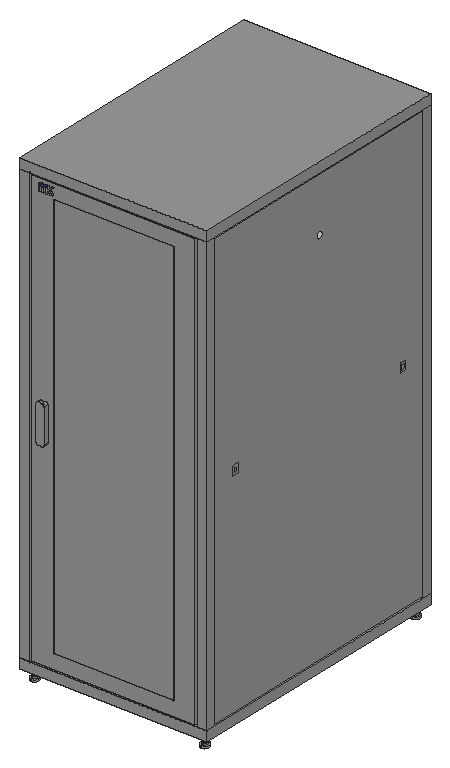
Revit family "ITK_Шкаф серверный_Напольный_42U_IP00", category Электрооборудование, Revit 2019
Family settings
  Размер круглого соединителя = Использовать диаметр
  Тип детали = Другая панель
  На основе рабочей плоскости = Нет
  Всегда вертикально = Да
  При загрузке вырезать с полостями = Нет
  Общий = Нет
  Точка расчета площади = Нет
Parameters (values of type "В2100хШ800хГ1200_Серый_2PP_часть 1")
  Ширина = 800 mm  # constant formula
  Степень защиты = "IP00"  # constant formula
  Ролики = no
  Основание = 43 mm  # constant formula
  Материал стекла (перфорации) = Окраска - RAL 7035 перфорация
  Материал = Окраска - RAL 7035
  Изготовитель = "ITK"  # constant formula
  Дата изменения = ""
  Глубина = 1200 mm  # constant formula
  Высота = 2010 mm  # constant formula
  УГО двухдверного шкафа = yes
  Тип монтажа = "Напольный"  # constant formula
  ΔХ [instance] = 2000 mm
  ΔY [instance] = 2000 mm
  URL = "https://www.iek.ru/"
  KSI_CPr_Строительные изделия = "61.1.04.08"  # constant formula
  KSI_CMa_Строительные материалы = "10.03.02.06"  # constant formula
  IEK_Цена за единицу = 43193.04
  IEK_Поиск в таблице имен = ""
  IEK_Описание = "Широкий ассортимент исполнений и габаритов.\r\nСборно-разборная конструкция.\r\nG-образная форма 19” монтажных профилей.\r\n19\" монтажные профили регулируются по глубине и имеют цифровую маркировку высоты в юнитах.\r\nДоступ к внутреннему пространству шкафа возможен с 4-х сторон.\r\nБоковые стенки съёмные, оснащены замком и защелками.\r\nВсе токопроводящие элементы конструкции имеют шпильки заземления.\r\nДверной замок с откидной ручкой.\r\nДверь может легко и быстро перенавешиваться.\r\nВентилируемая дверь имеет 80% перфорации.\r\nХорошая естественная вентиляция, возможность установки дополнительных вентиляторных панелей серии ПВ.\r\nВозможна одновременная установка шкафа на ножки и на ролики. В ассортименте также представлены цоколи.\r\nНаличие большого количества совместимых аксессуаров и комплектующих производства ITK.\r\nВыполнены в соответствии со стандартами IEC62208, IEC60950, ТР ТС 020/2011, ГОСТ 28601.1-90 и 28601.2-90."
  IEK_URL = "hhttps://www.itk-group.ru/produktsiya/catalog/oborudovanie_telekommunikatsionnoe/shkafy_telekommunikatsionnye/shkafy_servernye/shkafy_linea_s_staroy_modifikatsii_3_mestami/itk_shkaf_servernyy_19_linea_s_42u_800kh1200mm_perforirovannye_dveri_seryy_chast_1"
  ADSK_Примечание = ""
  ADSK_Позиция [instance] = ""
  ADSK_Наименование = "IITK Шкаф серв 42U 800х1200мм перф. двери серый (ч.1)"
  ADSK_Материал обозначение = ""
  ADSK_Материал наименование = "Листовая сталь"  # constant formula
  ADSK_Масса = 46
  ADSK_Марка = "LINEA S"  # constant formula
  ADSK_Код изделия = "LS35-42U82-PPZ-1"
  ADSK_Завод-изготовитель = "IEK"  # constant formula
  ADSK_Единица измерения = "шт"  # constant formula
  ADSK_Группирование = "I. ЩИТЫ И ПУЛЬТЫ"  # constant formula
  ADSK_Версия семейства = "1.0"  # constant formula
  ADSK_Версия Revit = "2019"  # constant formula
  ADSK_URL страницы изделия = "https://www.itk-group.ru/produktsiya/catalog/oborudovanie_telekommunikatsionnoe/shkafy_telekommunikatsionnye/shkafy_servernye/shkafy_linea_s_staroy_modifikatsii_3_mestami/?set_filter=y&filter_3645_3080943481=y&filter_22_841265288=y&filter_4_329120825=y"
Types (3, lengths in mm): name | IEK_Цена за единицу | IEK_URL | ADSK_Наименование | ADSK_Масса | ADSK_Код изделия
  В2100хШ800хГ1200_Серый_2PP_часть 3 | 14209.62 | "https://www.itk-group.ru/produktsiya/catalog/oborudovanie_telekommunikatsionnoe/shkafy_telekommunikatsionnye/shkafy_servernye/shkafy_linea_s_staroy_modifikatsii_3_mestami/itk_shkaf_servernyy_19_linea_s_42u_800kh1200mm_perforirovannye_dveri_seryy_chast_3" | "IITK Шкаф серв 42U 800х1200мм перф. двери серый (ч.3)" | 41 | "LS35-42U82-PPZ-3"
  В2100хШ800хГ1200_Серый_2PP_часть 2 | 49010.84 | "https://www.itk-group.ru/produktsiya/catalog/oborudovanie_telekommunikatsionnoe/shkafy_telekommunikatsionnye/shkafy_servernye/shkafy_linea_s_staroy_modifikatsii_3_mestami/itk_shkaf_servernyy_19_linea_s_42u_800kh1200mm_perforirovannye_dveri_seryy_chast_2" | "IITK Шкаф серв 42U 800х1200мм перф. двери серый (ч.2)" | 74 | "LS35-42U82-PPZ-2"
  В2100хШ800хГ1200_Серый_2PP_часть 1 | 43193.04 | "hhttps://www.itk-group.ru/produktsiya/catalog/oborudovanie_telekommunikatsionnoe/shkafy_telekommunikatsionnye/shkafy_servernye/shkafy_linea_s_staroy_modifikatsii_3_mestami/itk_shkaf_servernyy_19_linea_s_42u_800kh1200mm_perforirovannye_dveri_seryy_chast_1" | "IITK Шкаф серв 42U 800х1200мм перф. двери серый (ч.1)" | 46 | "LS35-42U82-PPZ-1"
Reference planes
  plane 1 "По центру (Вперед/Назад)": y = 0
  plane 2: z = 0
  plane 3 "По центру (Влево/Вправо)": x = 0
  plane 4: y = 600
  plane 5: y = -600
  plane 6: x = -400
  plane 7: x = 400
  plane 8 "Высота ножек": z = 43
  plane 9 "Смещение УГО по X": x = -2000
  plane 10 "Смещение УГО по Y": y = 2000
  plane 11: z = 2010
Forms (mm)
  Extrusion 1, solid, detail levels coarse+medium
    sketch origin (0, 0, 0) x (1, 0, 0) y (0, 1, 0)
      loop
        line (-400, 600) -> (-400, -600) -> (400, -600) -> (400, 600) -> (-400, 600)
    from 0 to 2010 <- "Высота"
  Extrusion 2, solid, detail levels medium
    sketch origin (0, 0, 0) x (1, 0, 0) y (0, 1, 0)
      loop
        line (-400, 600) -> (-400, -600) -> (400, -600) -> (400, 600) -> (-400, 600)
    from 0 to 2010 <- "Высота"
Lines and regions (mm)
  reference lines
    curve 1: line (0, 90, 0) -> (0, -90, 0)
    curve 2: line (-140, 0, 0) -> (100, 0, 0)
Dimensions and locks
  equal spacing: plane 6, plane 3 "По центру (Влево/Вправо)", plane 7
  "Ширина": plane 6 to plane 7
  equal spacing: plane 4, plane 1 "По центру (Вперед/Назад)", plane 5
  "Глубина": plane 4 to plane 5
  "Основание": plane 8 "Высота ножек" to plane 2
  "ΔY": plane 10 "Смещение УГО по Y" to curve 2
  "ΔХ": plane 9 "Смещение УГО по X" to curve 1
  "Высота": plane 11 to plane 2
  aligned and locked: level to plane 2
  aligned and locked: nested 1 to curve 1
  aligned and locked: nested 1 to curve 2
  aligned and locked: Extrusion 1 sketch curve to plane 4
  aligned and locked: Extrusion 1 sketch curve to plane 6
  aligned and locked: Extrusion 1 sketch curve to plane 7
  aligned and locked: Extrusion 1 sketch curve to plane 5
  aligned and locked: Extrusion 2 sketch curve to plane 6
  aligned and locked: Extrusion 2 sketch curve to plane 7
  aligned and locked: Extrusion 2 sketch curve to plane 4
  aligned and locked: Extrusion 2 sketch curve to plane 5
Automatic sketch dimensions
  curve 2 to plane 3 "По центру (Влево/Вправо)" = 140 mm
  plane 3 "По центру (Влево/Вправо)" to curve 2 = 100 mm
  plane 1 "По центру (Вперед/Назад)" to curve 1 = 90 mm
  curve 1 to plane 1 "По центру (Вперед/Назад)" = 90 mm
Nested families
  nested 1: "УГО_шкафа_ITK" at (0, 0, 0), type "УГО двудверного шкафа", detail levels coarse+medium
    with Засечка УГО 480 mm, Глубина УГО 1200 mm
  nested 2: "Ножки_ITK" at (0, 0, 0), type "Ножки_ITK", detail levels fine
    with Глубина 1200 mm
  nested 3: "Комплект роликов" at (0, 0, 0), visible <- "Ролики", Ширина <- "Ширина", Основание <- "Основание", Глубина <- "Глубина", type "Комплект роликов", detail levels fine
    with Ширина 800 mm, Основание 43 mm, Глубина 1200 mm
  nested 4: "Панель боковая_ITK_2шт" at (0, 0, 0), type "Панель боковая_ITK_2шт", detail levels fine
  nested 5: "Основание_ITK_2шт" at (0, 0, 0), type "Основание_ITK_2шт", detail levels fine
    with Глубина 1200 mm, Высота 2010 mm
  nested 6: "Стойка_ITK_комплект 4шт" at (0, 0, 0), type "Стойка_ITK_комплект 4шт", detail levels fine
    with Глубина 1200 mm, Высота 2010 mm
  nested 7: "Комплект двери перфорированной задней_ITK" at (0, -17.5, 0) x (-1, 0, 0) z (0, 0, 1), type "Комплект двери перфорированной задней_ITK", detail levels fine
    with Глубина 1200 mm, Высота 2010 mm
  nested 8: "Комплект двери перфорированной_ITK" at (0, 0, 0), type "Комплект двери перфорированной_ITK", detail levels fine
    with Глубина 1200 mm, Высота 2010 mm
Connectors
  electrical at (0, 0, 0)
    settings: on Extrusion 1, index 1, voltage 220 V, apparent load 0 VA, apparent load phase1 1 VA, apparent load phase2 0 VA, apparent load phase3 0 VA, power factor 1, load classification "Прочее", number of poles 1, system type 9, power factor state 1, is connector primary yes, connector utility no, sub classification motor no, connector description ""
Definition of nested family "Ножки_ITK"
  Parameters (values of type "Ножки_ITK")
    Ширина = 800 mm
    Основание = 43 mm
    Глубина = 800 mm
  Reference planes
    plane 1 "По центру (Вперед/Назад)": y = 0
    plane 2: z = 0
    plane 3 "По центру (Влево/Вправо)": x = 0
    plane 4: x = -400
    plane 5: x = 400
    plane 6: y = 400
    plane 7: y = -400
    plane 8: y = 365
    plane 9: y = -365
    plane 10 "Ось ножки-1": x = -365
    plane 11 "Ось ножки-2": x = 365
    plane 12: z = 43
  Forms (mm)
    Revolve 1, solid
      sketch origin (-365, 0, -0.503) x (0, 1, 0) y (0, 0, 1)
        loop
          line (-365, 43.503) -> (-365, 0.503) -> (-351, 0.503) -> (-351, 2) -> (-348, 2) -> (-348, 10)
          arc (-348, 10) -> (-348.586, 11.414) -> (-350, 12) r 2
          line (-350, 12) -> (-354.354, 12) -> (-354.354, 19)
          arc (-354.354, 19) -> (-354.647, 19.707) -> (-355.354, 20) r 1
          line (-355.354, 20) -> (-359, 20) -> (-359, 43.503) -> (-365, 43.503)
        axis (-365, 43.503) -> (-365, 0.503)
      angle from 0 to 360
    Revolve 2, solid
      sketch origin (365, 0, -0.503) x (0, 1, 0) y (0, 0, -1)
        loop
          line (-365, -43.503) -> (-359, -43.503) -> (-359, -20) -> (-355.354, -20)
          arc (-355.354, -20) -> (-354.647, -19.707) -> (-354.354, -19) r 1
          line (-354.354, -19) -> (-354.354, -12) -> (-350, -12)
          arc (-350, -12) -> (-348.586, -11.414) -> (-348, -10) r 2
          line (-348, -10) -> (-348, -2) -> (-351, -2) -> (-351, -0.503) -> (-365, -0.503) -> (-365, -43.503)
        axis (-365, -43.503) -> (-365, -0.503)
      angle from 0 to 360
    Revolve 3, solid
      sketch origin (-365, 0, -0.503) x (0, -1, 0) y (0, 0, -1)
        loop
          line (-365, -43.503) -> (-359, -43.503) -> (-359, -20) -> (-355.354, -20)
          arc (-355.354, -20) -> (-354.647, -19.707) -> (-354.354, -19) r 1
          line (-354.354, -19) -> (-354.354, -12) -> (-350, -12)
          arc (-350, -12) -> (-348.586, -11.414) -> (-348, -10) r 2
          line (-348, -10) -> (-348, -2) -> (-351, -2) -> (-351, -0.503) -> (-365, -0.503) -> (-365, -43.503)
        axis (-365, -43.503) -> (-365, -0.503)
      angle from 0 to 360
    Revolve 4, solid
      sketch origin (365, 0, -0.503) x (0, -1, 0) y (0, 0, 1)
        loop
          line (-365, 43.503) -> (-365, 0.503) -> (-351, 0.503) -> (-351, 2) -> (-348, 2) -> (-348, 10)
          arc (-348, 10) -> (-348.586, 11.414) -> (-350, 12) r 2
          line (-350, 12) -> (-354.354, 12) -> (-354.354, 19)
          arc (-354.354, 19) -> (-354.647, 19.707) -> (-355.354, 20) r 1
          line (-355.354, 20) -> (-359, 20) -> (-359, 43.503) -> (-365, 43.503)
        axis (-365, 43.503) -> (-365, 0.503)
      angle from 0 to 360
  Dimensions and locks
    equal spacing: plane 7, plane 1 "По центру (Вперед/Назад)", plane 6
    equal spacing: plane 4, plane 3 "По центру (Влево/Вправо)", plane 5
    "Ширина": plane 4 to plane 5
    "Глубина": plane 7 to plane 6
    "Основание": plane 12 to plane 2
    locked: plane 6 to plane 8 at 35
    locked: plane 7 to plane 9 at 35
    locked: plane 4 to plane 10 "Ось ножки-1" at 35
    locked: plane 11 "Ось ножки-2" to plane 5 at 35
    aligned and locked: level to plane 2
    aligned and locked: plane 10 "Ось ножки-1" to Revolve 1
    aligned and locked: plane 11 "Ось ножки-2" to Revolve 4
    aligned and locked: plane 11 "Ось ножки-2" to Revolve 2
    aligned and locked: plane 10 "Ось ножки-1" to Revolve 3
    aligned and locked: plane 12 to Revolve 1
    aligned and locked: Revolve 3 to plane 12
    aligned and locked: Revolve 2 to plane 12
    aligned and locked: plane 12 to Revolve 4
  Automatic sketch dimensions
    Revolve 1 sketch curve to plane 9 = 0 mm  (x2)
    level to Revolve 1 sketch curve = 0 mm
    Revolve 1 sketch curve to plane 9 = 6 mm
    Revolve 1 sketch curve to Revolve 1 sketch curve = 3.646 mm
    Revolve 1 sketch curve to Revolve 1 sketch curve = 1 mm
    Revolve 1 sketch curve to Revolve 1 sketch curve = 3.354 mm
    Revolve 1 sketch curve to Revolve 1 sketch curve = 4.354 mm
    Revolve 1 sketch curve to Revolve 1 sketch curve = 2 mm
    level to Revolve 1 sketch curve = 1.497 mm
    Revolve 1 sketch curve to plane 12 = 0 mm
    Revolve 1 sketch curve to level = 305.303 mm
    Revolve 2 sketch curve to plane 9 = 0 mm  (x2)
    level to Revolve 2 sketch curve = 0 mm
    Revolve 2 sketch curve to plane 9 = 6 mm
    Revolve 2 sketch curve to Revolve 2 sketch curve = 3.646 mm
    Revolve 2 sketch curve to Revolve 2 sketch curve = 1 mm
    Revolve 2 sketch curve to Revolve 2 sketch curve = 3.354 mm
    Revolve 2 sketch curve to Revolve 2 sketch curve = 4.354 mm
    Revolve 2 sketch curve to Revolve 2 sketch curve = 2 mm
    Revolve 2 sketch curve to plane 12 = 0 mm
    level to Revolve 2 sketch curve = 1.497 mm
    Revolve 2 sketch curve to level = 305.303 mm
    Revolve 3 sketch curve to plane 8 = 0 mm  (x2)
    level to Revolve 3 sketch curve = 0 mm
    Revolve 3 sketch curve to plane 8 = 6 mm
    Revolve 3 sketch curve to Revolve 3 sketch curve = 3.646 mm
    Revolve 3 sketch curve to Revolve 3 sketch curve = 1 mm
    Revolve 3 sketch curve to Revolve 3 sketch curve = 3.354 mm
    Revolve 3 sketch curve to Revolve 3 sketch curve = 4.354 mm
    Revolve 3 sketch curve to Revolve 3 sketch curve = 2 mm
    Revolve 3 sketch curve to plane 12 = 0 mm
    level to Revolve 3 sketch curve = 1.497 mm
    Revolve 3 sketch curve to level = 305.303 mm
    Revolve 4 sketch curve to plane 8 = 0 mm  (x2)
    level to Revolve 4 sketch curve = 0 mm
    Revolve 4 sketch curve to plane 8 = 6 mm
    Revolve 4 sketch curve to Revolve 4 sketch curve = 3.646 mm
    Revolve 4 sketch curve to Revolve 4 sketch curve = 1 mm
    Revolve 4 sketch curve to Revolve 4 sketch curve = 3.354 mm
    Revolve 4 sketch curve to Revolve 4 sketch curve = 4.354 mm
    Revolve 4 sketch curve to Revolve 4 sketch curve = 2 mm
    level to Revolve 4 sketch curve = 1.497 mm
    Revolve 4 sketch curve to plane 12 = 0 mm
    Revolve 4 sketch curve to level = 305.303 mm
    Revolve 1 sketch curve to Revolve 1 sketch curve = 8 mm
    Revolve 1 sketch curve to Revolve 1 sketch curve = 7 mm
    level to Revolve 2 sketch curve = 19.497 mm
    Revolve 2 sketch curve to Revolve 2 sketch curve = 7 mm
    level to Revolve 3 sketch curve = 19.497 mm
    Revolve 3 sketch curve to Revolve 3 sketch curve = 7 mm
    Revolve 4 sketch curve to Revolve 4 sketch curve = 8 mm
    Revolve 4 sketch curve to Revolve 4 sketch curve = 7 mm
    plane 12 to Revolve 1 sketch curve = 2387.897 mm
    plane 12 to Revolve 2 sketch curve = 2387.897 mm
    plane 12 to Revolve 3 sketch curve = 2387.897 mm
    plane 12 to Revolve 4 sketch curve = 2387.897 mm
Definition of nested family "Комплект роликов"
  Parameters (values of type "Комплект роликов")
    Ширина [instance] = 800 mm
    Основание [instance] = 43 mm
    Глубина [instance] = 800 mm
  Reference planes
    plane 1 "По центру (Вперед/Назад)": y = 0
    plane 2: z = 0
    plane 3 "По центру (Влево/Вправо)": x = 0
    plane 4: x = -400
    plane 5: x = 400
    plane 6: y = 400
    plane 7: y = -400
    plane 8: y = 300
    plane 9: y = -300
    plane 10 "Ось ножки-1": x = -300
    plane 11 "Ось ножки-2": x = 300
    plane 12: z = 43
    plane 13: z = 20
  Forms (mm)
    Revolve 1, solid
      sketch origin (-300, -12, 0) x (0, 1, 0) y (0, 0, 1)
        loop
          line (-300, 0) -> (-290, 0) -> (-290, 15) -> (-300, 15) -> (-310, 15) -> (-310, 0) -> (-300, 0)
        axis (-310, 20) -> (-290, 20)
      angle from 0 to 360
    Extrusion 2, solid
      sketch origin (-300.035, -12, 0) x (1, 0, 0) y (0, 0, 1)
        loop
          line (-35, 43) -> (-19.39, 18.019)
          arc (-19.39, 18.019) -> (-15.758, 14.572) -> (-10.91, 13.318) r 10
          line (-10.91, 13.318) -> (0, 13.318) -> (10.979, 13.318)
          arc (10.979, 13.318) -> (15.828, 14.572) -> (19.46, 18.019) r 10
          line (19.46, 18.019) -> (35.07, 43) -> (-35, 43)
      from 310 to 312
    Extrusion 3, solid
      sketch origin (-300.035, 10, 0) x (1, 0, 0) y (0, 0, 1)
        loop
          line (-35, 43) -> (-19.39, 18.019)
          arc (-19.39, 18.019) -> (-15.758, 14.572) -> (-10.91, 13.318) r 10
          line (-10.91, 13.318) -> (0, 13.318) -> (10.979, 13.318)
          arc (10.979, 13.318) -> (15.828, 14.572) -> (19.46, 18.019) r 10
          line (19.46, 18.019) -> (35.07, 43) -> (-35, 43)
      from 310 to 312
    Revolve 4, solid
      sketch origin (-300, 612, 0) x (0, 1, 0) y (0, 0, 1)
        loop
          line (-300, 0) -> (-290, 0) -> (-290, 15) -> (-300, 15) -> (-310, 15) -> (-310, 0) -> (-300, 0)
        axis (-310, 20) -> (-290, 20)
      angle from 0 to 360
    Extrusion 5, solid
      sketch origin (-268.608, 574, 0) x (1, 0, 0) y (0, 0, 1)
        loop
          line (-66.426, 43) -> (-50.817, 18.019)
          arc (-50.817, 18.019) -> (-47.184, 14.572) -> (-42.336, 13.318) r 10
          line (-42.336, 13.318) -> (-31.426, 13.318) -> (-20.447, 13.318)
          arc (-20.447, 13.318) -> (-15.599, 14.572) -> (-11.966, 18.019) r 10
          line (-11.966, 18.019) -> (3.643, 43) -> (-66.426, 43)
      from 272 to 274
    Extrusion 6, solid
      sketch origin (-300.035, 596, 0) x (1, 0, 0) y (0, 0, 1)
        loop
          line (-35, 43) -> (-19.39, 18.019)
          arc (-19.39, 18.019) -> (-15.758, 14.572) -> (-10.91, 13.318) r 10
          line (-10.91, 13.318) -> (0, 13.318) -> (10.979, 13.318)
          arc (10.979, 13.318) -> (15.828, 14.572) -> (19.46, 18.019) r 10
          line (19.46, 18.019) -> (35.07, 43) -> (-35, 43)
      from 272 to 274
    Revolve 7, solid
      sketch origin (300, 612, 0) x (0, 1, 0) y (0, 0, 1)
        loop
          line (-300, 0) -> (-290, 0) -> (-290, 15) -> (-300, 15) -> (-310, 15) -> (-310, 0) -> (-300, 0)
        axis (-310, 20) -> (-290, 20)
      angle from 0 to 360
    Extrusion 8, solid
      sketch origin (11.392, 574, 0) x (1, 0, 0) y (0, 0, 1)
        loop
          line (253.574, 43) -> (269.183, 18.019)
          arc (269.183, 18.019) -> (272.816, 14.572) -> (277.664, 13.318) r 10
          line (277.664, 13.318) -> (288.574, 13.318) -> (299.553, 13.318)
          arc (299.553, 13.318) -> (304.401, 14.572) -> (308.034, 18.019) r 10
          line (308.034, 18.019) -> (323.643, 43) -> (253.574, 43)
      from 272 to 274
    Extrusion 9, solid
      sketch origin (-20.035, 596, 0) x (1, 0, 0) y (0, 0, 1)
        loop
          line (285, 43) -> (300.61, 18.019)
          arc (300.61, 18.019) -> (304.242, 14.572) -> (309.09, 13.318) r 10
          line (309.09, 13.318) -> (320, 13.318) -> (330.979, 13.318)
          arc (330.979, 13.318) -> (335.828, 14.572) -> (339.46, 18.019) r 10
          line (339.46, 18.019) -> (355.07, 43) -> (285, 43)
      from 272 to 274
    Revolve 10, solid
      sketch origin (300, 338, 0) x (0, 1, 0) y (0, 0, 1)
        loop
          line (-650, 0) -> (-640, 0) -> (-640, 15) -> (-650, 15) -> (-660, 15) -> (-660, 0) -> (-650, 0)
        axis (-660, 20) -> (-640, 20)
      angle from 0 to 360
    Extrusion 11, solid
      sketch origin (11.392, 300, 0) x (1, 0, 0) y (0, 0, 1)
        loop
          line (253.574, 43) -> (269.183, 18.019)
          arc (269.183, 18.019) -> (272.816, 14.572) -> (277.664, 13.318) r 10
          line (277.664, 13.318) -> (288.574, 13.318) -> (299.553, 13.318)
          arc (299.553, 13.318) -> (304.401, 14.572) -> (308.034, 18.019) r 10
          line (308.034, 18.019) -> (323.643, 43) -> (253.574, 43)
      from 622 to 624
    Extrusion 12, solid
      sketch origin (-20.035, 322, 0) x (1, 0, 0) y (0, 0, 1)
        loop
          line (285, 43) -> (300.61, 18.019)
          arc (300.61, 18.019) -> (304.242, 14.572) -> (309.09, 13.318) r 10
          line (309.09, 13.318) -> (320, 13.318) -> (330.979, 13.318)
          arc (330.979, 13.318) -> (335.828, 14.572) -> (339.46, 18.019) r 10
          line (339.46, 18.019) -> (355.07, 43) -> (285, 43)
      from 622 to 624
  Dimensions and locks
    equal spacing: plane 7, plane 1 "По центру (Вперед/Назад)", plane 6
    equal spacing: plane 4, plane 3 "По центру (Влево/Вправо)", plane 5
    "Ширина": plane 4 to plane 5
    "Глубина": plane 7 to plane 6
    "Основание": plane 12 to plane 2
    locked: plane 6 to plane 8 at 100
    locked: plane 7 to plane 9 at 100
    locked: plane 4 to plane 10 "Ось ножки-1" at 100
    locked: plane 11 "Ось ножки-2" to plane 5 at 100
    plane 13 to level = 20 mm
    Extrusion 2 to plane 10 "Ось ножки-1" to Extrusion 2 = 35.035 mm locked, 35.035 mm locked
    locked: Extrusion 3 to plane 9 at 2
    locked: Extrusion 2 to Extrusion 2 at 2
    locked: Extrusion 2 to Extrusion 3 at 20
    locked: Extrusion 5 to plane 8 at 2
    locked: Extrusion 6 to Extrusion 6 at 2
    locked: Extrusion 5 to Extrusion 6 at 20
    locked: Extrusion 9 to Extrusion 9 at 2
    locked: Extrusion 8 to Extrusion 9 at 20  (x2)
    locked: Extrusion 8 to plane 8 at 2
    locked: Extrusion 12 to Extrusion 12 at 2
    locked: Extrusion 11 to Extrusion 12 at 20  (x2)
    locked: Extrusion 11 to Extrusion 11 at 2
    aligned and locked: level to plane 2
    aligned and locked: plane 10 "Ось ножки-1" to Revolve 1
    aligned and locked: Extrusion 2 to Revolve 1
    aligned and locked: Extrusion 5 to Revolve 4
    aligned and locked: plane 10 "Ось ножки-1" to Revolve 4
    aligned and locked: Extrusion 3 to plane 9
    aligned and locked: Revolve 1 to Extrusion 3
    aligned and locked: Extrusion 5 to plane 8
    aligned and locked: Revolve 4 to Extrusion 6
    aligned and locked: Extrusion 8 to Revolve 7
    aligned and locked: Revolve 7 to Extrusion 9
    aligned and locked: plane 11 "Ось ножки-2" to Revolve 7
    aligned and locked: Extrusion 8 to plane 8
    aligned and locked: Extrusion 11 to Revolve 10
    aligned and locked: Revolve 10 to Extrusion 12
    aligned and locked: Extrusion 12 to plane 9
    aligned and locked: plane 11 "Ось ножки-2" to Revolve 10
  Automatic sketch dimensions
    Revolve 1 sketch curve to plane 13 = 0 mm
    Revolve 1 sketch curve to level = 0 mm
    plane 9 to Revolve 1 sketch curve = 22 mm
    Revolve 1 sketch curve to Revolve 1 sketch curve = 10 mm  (x2)
    Revolve 1 sketch curve to plane 13 = 5 mm
    plane 9 to Revolve 1 sketch curve = 2 mm
    plane 7 to Revolve 1 sketch curve = 27.065 mm
    Revolve 1 sketch curve to plane 8 = 39.968 mm
    Extrusion 2 sketch curve to plane 12 = 0 mm
    Extrusion 2 sketch curve to plane 10 "Ось ножки-1" = 35.035 mm
    Extrusion 2 sketch curve to plane 13 = 1.981 mm  (x2)
    Extrusion 2 sketch curve to plane 10 "Ось ножки-1" = 19.425 mm
    plane 13 to Extrusion 2 sketch curve = 3.318 mm  (x2)
    Extrusion 2 sketch curve to Extrusion 2 sketch curve = 8.48 mm
    Extrusion 2 sketch curve to plane 10 "Ось ножки-1" = 0.035 mm
    plane 10 "Ось ножки-1" to Extrusion 2 sketch curve = 10.945 mm
    Extrusion 2 sketch curve to Extrusion 2 sketch curve = 15.61 mm
    Extrusion 3 sketch curve to plane 12 = 0 mm
    Extrusion 3 sketch curve to plane 10 "Ось ножки-1" = 35.035 mm
    Extrusion 3 sketch curve to plane 13 = 1.981 mm  (x2)
    Extrusion 3 sketch curve to plane 10 "Ось ножки-1" = 19.425 mm
    plane 13 to Extrusion 3 sketch curve = 3.318 mm  (x2)
    Extrusion 3 sketch curve to Extrusion 3 sketch curve = 8.48 mm
    Extrusion 3 sketch curve to plane 10 "Ось ножки-1" = 0.035 mm
    plane 10 "Ось ножки-1" to Extrusion 3 sketch curve = 10.945 mm
    Extrusion 3 sketch curve to Extrusion 3 sketch curve = 15.61 mm
    Revolve 4 sketch curve to plane 13 = 0 mm
    Revolve 4 sketch curve to level = 0 mm
    plane 8 to Revolve 4 sketch curve = 2 mm
    Revolve 4 sketch curve to Revolve 4 sketch curve = 10 mm  (x3)
    Revolve 4 sketch curve to plane 13 = 5 mm
    Revolve 4 sketch curve to plane 1 "По центру (Вперед/Назад)" = 7.935 mm
    plane 6 to Revolve 4 sketch curve = 295.032 mm
    Extrusion 5 sketch curve to plane 12 = 0 mm
    Extrusion 5 sketch curve to plane 10 "Ось ножки-1" = 35.035 mm
    Extrusion 5 sketch curve to plane 13 = 1.981 mm  (x2)
    Extrusion 5 sketch curve to plane 10 "Ось ножки-1" = 19.425 mm
    plane 13 to Extrusion 5 sketch curve = 3.318 mm  (x2)
    Extrusion 5 sketch curve to Extrusion 5 sketch curve = 8.48 mm
    Extrusion 5 sketch curve to plane 10 "Ось ножки-1" = 0.035 mm
    plane 10 "Ось ножки-1" to Extrusion 5 sketch curve = 10.945 mm
    Extrusion 5 sketch curve to Extrusion 5 sketch curve = 15.61 mm
    Extrusion 6 sketch curve to plane 12 = 0 mm
    Extrusion 6 sketch curve to plane 10 "Ось ножки-1" = 35.035 mm
    Extrusion 6 sketch curve to plane 13 = 1.981 mm  (x2)
    Extrusion 6 sketch curve to plane 10 "Ось ножки-1" = 19.425 mm
    plane 13 to Extrusion 6 sketch curve = 3.318 mm  (x2)
    Extrusion 6 sketch curve to Extrusion 6 sketch curve = 8.48 mm
    Extrusion 6 sketch curve to plane 10 "Ось ножки-1" = 0.035 mm
    plane 10 "Ось ножки-1" to Extrusion 6 sketch curve = 10.945 mm
    Extrusion 6 sketch curve to Extrusion 6 sketch curve = 15.61 mm
    Revolve 7 sketch curve to plane 13 = 0 mm
    Revolve 7 sketch curve to level = 0 mm
    plane 8 to Revolve 7 sketch curve = 2 mm
    Revolve 7 sketch curve to Revolve 7 sketch curve = 10 mm  (x3)
    Revolve 7 sketch curve to plane 13 = 5 mm
    Revolve 7 sketch curve to plane 1 "По центру (Вперед/Назад)" = 7.935 mm
    plane 6 to Revolve 7 sketch curve = 295.032 mm
    Extrusion 8 sketch curve to plane 12 = 0 mm
    plane 11 "Ось ножки-2" to Extrusion 8 sketch curve = 35.035 mm
    Extrusion 8 sketch curve to plane 13 = 1.981 mm  (x2)
    plane 11 "Ось ножки-2" to Extrusion 8 sketch curve = 19.425 mm
    plane 13 to Extrusion 8 sketch curve = 3.318 mm  (x2)
    Extrusion 8 sketch curve to Extrusion 8 sketch curve = 8.48 mm
    plane 11 "Ось ножки-2" to Extrusion 8 sketch curve = 0.035 mm
    Extrusion 8 sketch curve to plane 11 "Ось ножки-2" = 10.945 mm
    Extrusion 8 sketch curve to Extrusion 8 sketch curve = 15.61 mm
    Extrusion 9 sketch curve to plane 12 = 0 mm
    plane 11 "Ось ножки-2" to Extrusion 9 sketch curve = 35.035 mm
    Extrusion 9 sketch curve to plane 13 = 1.981 mm  (x2)
    plane 11 "Ось ножки-2" to Extrusion 9 sketch curve = 19.425 mm
    plane 13 to Extrusion 9 sketch curve = 3.318 mm  (x2)
    Extrusion 9 sketch curve to Extrusion 9 sketch curve = 8.48 mm
    plane 11 "Ось ножки-2" to Extrusion 9 sketch curve = 0.035 mm
    Extrusion 9 sketch curve to plane 11 "Ось ножки-2" = 10.945 mm
    Extrusion 9 sketch curve to Extrusion 9 sketch curve = 15.61 mm
    Revolve 10 sketch curve to plane 13 = 0 mm
    Revolve 10 sketch curve to level = 0 mm
    plane 9 to Revolve 10 sketch curve = 22 mm
    Revolve 10 sketch curve to Revolve 10 sketch curve = 10 mm  (x2)
    Revolve 10 sketch curve to plane 13 = 5 mm
    plane 9 to Revolve 10 sketch curve = 2 mm
    plane 7 to Revolve 10 sketch curve = 41.065 mm
    plane 6 to Revolve 10 sketch curve = 21.032 mm
    Extrusion 11 sketch curve to plane 12 = 0 mm
    plane 11 "Ось ножки-2" to Extrusion 11 sketch curve = 35.035 mm
    Extrusion 11 sketch curve to plane 13 = 1.981 mm  (x2)
    plane 11 "Ось ножки-2" to Extrusion 11 sketch curve = 19.425 mm
    plane 13 to Extrusion 11 sketch curve = 3.318 mm  (x2)
    Extrusion 11 sketch curve to Extrusion 11 sketch curve = 8.48 mm
    plane 11 "Ось ножки-2" to Extrusion 11 sketch curve = 0.035 mm
    Extrusion 11 sketch curve to plane 11 "Ось ножки-2" = 10.945 mm
    Extrusion 11 sketch curve to Extrusion 11 sketch curve = 15.61 mm
    Extrusion 12 sketch curve to plane 12 = 0 mm
    plane 11 "Ось ножки-2" to Extrusion 12 sketch curve = 35.035 mm
    Extrusion 12 sketch curve to plane 13 = 1.981 mm  (x2)
    plane 11 "Ось ножки-2" to Extrusion 12 sketch curve = 19.425 mm
    plane 13 to Extrusion 12 sketch curve = 3.318 mm  (x2)
    Extrusion 12 sketch curve to Extrusion 12 sketch curve = 8.48 mm
    plane 11 "Ось ножки-2" to Extrusion 12 sketch curve = 0.035 mm
    Extrusion 12 sketch curve to plane 11 "Ось ножки-2" = 10.945 mm
    Extrusion 12 sketch curve to Extrusion 12 sketch curve = 15.61 mm
Definition of nested family "Панель боковая_ITK_2шт"
  Parameters (values of type "Панель боковая_ITK_2шт")
    Ширина = 800 mm
    Основание = 43 mm
    Материал = none
    Крыша вентиляционная = 50 mm
    Глубина = 1200 mm
    Высота = 2010 mm
  Reference planes
    plane 1 "По центру (Вперед/Назад)": y = 0
    plane 2: z = 0
    plane 3 "По центру (Влево/Вправо)": x = 0
    plane 4: x = -400
    plane 5: x = 400
    plane 6: y = 600
    plane 7: y = -600
    plane 8: y = 560
    plane 9: y = -560
    plane 10: x = -360
    plane 11: x = 360
    plane 12: z = 1965
    plane 13: z = 88
    plane 14: z = 1960
    plane 15: z = 93
    plane 16: z = 43
    plane 17: z = 2010
    plane 18: z = 634.333
    plane 19: z = 338.667
    plane 20: z = 1026.5
  Forms (mm)
    Extrusion 1, solid, material <- "Материал"
      sketch origin (0, 0, 0) x (1, 0, 0) y (0, 1, 0)
        loop
          line (-400, 555) -> (-400, -555) -> (-369.98, -555) -> (-369.98, -545) -> (-389.98, -545) -> (-389.98, 545) -> (-370, 545) -> (-370, 555) -> (-400, 555)
        loop
          line (400, 555) -> (369.98, 555) -> (369.98, 545) -> (389.98, 545) -> (389.98, -545) -> (369.98, -545) -> (369.98, -555) -> (400, -555) -> (400, 555)
      from 93 to 1960
  Dimensions and locks
    equal spacing: plane 7, plane 1 "По центру (Вперед/Назад)", plane 6
    equal spacing: plane 4, plane 3 "По центру (Влево/Вправо)", plane 5
    "Ширина": plane 4 to plane 5
    "Глубина": plane 7 to plane 6
    locked: plane 7 to plane 9 at 40
    locked: plane 6 to plane 8 at 40
    locked: plane 11 to plane 5 at 40
    locked: plane 4 to plane 10 at 40
    locked: plane 12 to plane 14 at 5
    locked: plane 15 to plane 13 at 5
    locked: plane 13 to plane 16 at 45
    "Основание": plane 16 to plane 2
    locked: plane 17 to plane 12 at 45
    plane 18 to plane 19 to plane 16 = 295.667 mm, 295.667 mm
    "Высота": plane 17 to plane 2
    locked: plane 14 to nested 1 at 230
    plane 14 to nested 2 = 914.75 mm
    locked: plane 8 to nested 2 at 98
    locked: nested 3 to plane 9 at 98
    nested 3 to plane 14 = 914.75 mm
    locked: plane 14 to nested 4 at 230
    plane 14 to nested 5 = 914.75 mm
    locked: plane 9 to nested 5 at 98
    plane 14 to nested 6 = 914.75 mm
    locked: nested 6 to plane 8 at 98
    equal spacing: plane 14, plane 20, plane 15
    aligned and locked: level to plane 2
    aligned and locked: plane 4 to Extrusion 1 sketch curve
    aligned and locked: Extrusion 1 sketch curve to plane 5
    aligned and locked: plane 14 to Extrusion 1
    aligned and locked: Extrusion 1 to plane 15
    aligned and locked: nested 1 to plane 1 "По центру (Вперед/Назад)"
    aligned and locked: nested 4 to plane 1 "По центру (Вперед/Назад)"
    aligned and locked: nested 2 to plane 20
    aligned and locked: plane 20 to nested 3
    aligned and locked: nested 5 to plane 20
    aligned and locked: nested 6 to plane 20
  Automatic sketch dimensions
    plane 4 to Extrusion 1 sketch curve = 10.02 mm
    Extrusion 1 sketch curve to plane 10 = 10 mm
    Extrusion 1 sketch curve to plane 10 = 9.98 mm
    Extrusion 1 sketch curve to plane 11 = 9.98 mm  (x2)
    plane 5 to Extrusion 1 sketch curve = 10.02 mm
    Extrusion 1 sketch curve to plane 9 = 15 mm  (x2)
    Extrusion 1 sketch curve to plane 8 = 15 mm  (x2)
    Extrusion 1 sketch curve to plane 9 = 5 mm  (x2)
    Extrusion 1 sketch curve to plane 8 = 5 mm  (x2)
  Nested families
    nested 1: "Замок_ITK" at (-400, 0, 1730) x (0, 1, 0) z (-1, 0, 0), type "Замок_ITK", detail levels fine
    nested 2: "Замок_защелка_ITK" at (-400, 449.25, 1026.5) x (0, -1, 0) z (-1, 0, 0), type "Замок_защелка_ITK"
    nested 3: "Замок_защелка_ITK" at (-400, -449.25, 1026.5) x (0, 1, 0) z (-1, 0, 0), type "Замок_защелка_ITK"
    nested 4: "Замок_ITK" at (400, 0, 1730) x (0, 1, 0) z (1, 0, 0), type "Замок_ITK"
    nested 5: "Замок_защелка_ITK" at (400, -449.25, 1026.5) x (0, 1, 0) z (1, 0, 0), type "Замок_защелка_ITK"
    nested 6: "Замок_защелка_ITK" at (400, 449.25, 1026.5) x (0, 1, 0) z (1, 0, 0), type "Замок_защелка_ITK"
  Definition of nested family "Замок_ITK"
    Parameters (values of type "Замок_ITK")
      Default Elevation = 1219.2 mm
      Материал = none
    Reference planes
      plane 1 "По центру (Вперед/Назад)": y = 0
      plane 2: z = 0
      plane 3 "По центру (Влево/Вправо)": x = 0
    Forms (mm)
      Extrusion 1, solid
        sketch origin (0, 0, 0) x (1, 0, 0) y (0, 1, 0)
          loop
            line (-1219.2, 1219.2) -> (-1219.2, -1219.2) -> (1219.2, -1219.2) -> (1219.2, 1219.2) -> (-1219.2, 1219.2)
        from 0 to -304.8
      Extrusion 2, solid
        sketch origin (0, 0, 0) x (1, 0, 0) y (0, 1, 0)
          loop
            circle (0, 0) r 11.5
          loop
            line (1, 5.5) -> (-1, 5.5) -> (-1, -8.219) -> (1, -8.219) -> (1, 5.5)
        from 0 to 4
    Dimensions and locks
      aligned and locked: plane 2 to Extrusion 1
      aligned and locked: level to Extrusion 1
  Definition of nested family "Замок_защелка_ITK"
    Parameters (values of type "Замок_защелка_ITK")
      Default Elevation = 1219.2 mm
      Материал = none
    Reference planes
      plane 1 "По центру (Вперед/Назад)": y = 0
      plane 2: z = 0
      plane 3 "По центру (Влево/Вправо)": x = 0
    Forms (mm)
      Extrusion 1, solid
        sketch origin (0, 0, 0) x (1, 0, 0) y (0, 1, 0)
          loop
            line (-1219.2, 1219.2) -> (-1219.2, -1219.2) -> (1219.2, -1219.2) -> (1219.2, 1219.2) -> (-1219.2, 1219.2)
        from 0 to -304.8
      Extrusion 2, solid
        sketch origin (0, 0, 0) x (1, 0, 0) y (0, 1, 0)
          loop
            line (11.75, 18.75) -> (-11.75, 18.75)
            arc (-11.75, 18.75) -> (-12.457, 18.457) -> (-12.75, 17.75) r 1
            line (-12.75, 17.75) -> (-12.75, -17.75)
            arc (-12.75, -17.75) -> (-12.457, -18.457) -> (-11.75, -18.75) r 1
            line (-11.75, -18.75) -> (11.75, -18.75)
            arc (11.75, -18.75) -> (12.457, -18.457) -> (12.75, -17.75) r 1
            line (12.75, -17.75) -> (12.75, 17.75)
            arc (12.75, 17.75) -> (12.457, 18.457) -> (11.75, 18.75) r 1
          loop
            line (9.976, 10.75) -> (-9.976, 10.75) -> (-9.976, -9.743)
            arc (-9.976, -9.743) -> (0, -12.25) -> (9.976, -9.743) r 21.1
            line (9.976, -9.743) -> (9.976, 10.75)
        from 0 to 2
      Extrusion 3, solid
        sketch origin (0, 0, 0) x (1, 0, 0) y (0, 1, 0)
          loop
            arc (-9.976, -9.743) -> (0, -12.25) -> (9.976, -9.743) r 21.1
            line (9.976, -9.743) -> (9.976, 10.75) -> (-9.976, 10.75) -> (-9.976, -9.743)
        from 0 to 1
    Dimensions and locks
      aligned and locked: plane 2 to Extrusion 1
      aligned and locked: level to Extrusion 1
      aligned and locked: Extrusion 3 sketch curve to Extrusion 2  (x4)
Definition of nested family "Основание_ITK_2шт"
  Parameters (values of type "Основание_ITK_2шт")
    Ширина = 800 mm
    Основание = 43 mm
    Материал = none
    Крыша вентиляционная = 50 mm
    Глубина = 800 mm
    Высота = 930 mm
  Reference planes
    plane 1 "По центру (Вперед/Назад)": y = 0
    plane 2: z = 0
    plane 3 "По центру (Влево/Вправо)": x = 0
    plane 4: x = -400
    plane 5: x = 400
    plane 6: y = 400
    plane 7: y = -400
    plane 8: y = 360
    plane 9: y = -360
    plane 10: x = -360
    plane 11: x = 360
    plane 12: z = 88
    plane 13: z = 43
    plane 14: z = 930
    plane 15: z = 885
    plane 16: z = 880
    plane 17: z = 93
  Forms (mm)
    Extrusion 1, solid, material <- "Материал"
      sketch origin (0, 0, 0) x (1, 0, 0) y (0, 0, 1)
        loop
          line (-400, 930) -> (-400, 885) -> (400, 885) -> (400, 930) -> (-400, 930)
        loop
          line (-400, 88) -> (-400, 43) -> (400, 43) -> (400, 88) -> (-400, 88)
      from -400 to 400
    Extrusion 2, solid, material <- "Материал"
      sketch origin (-1511.359, -1524, 885) x (-1, 0, 0) y (0, -1, 0)
        loop
          line (-1871.359, -1869) -> (-1871.359, -1884) -> (-1856.359, -1884) -> (-1856.359, -1914) -> (-1166.359, -1914) -> (-1166.359, -1884) -> (-1151.359, -1884) -> (-1151.359, -1869) -> (-1121.359, -1869) -> (-1121.359, -1179) -> (-1151.359, -1179) -> (-1151.359, -1164) -> (-1166.359, -1164) -> (-1166.359, -1144) -> (-1856.359, -1144) -> (-1856.359, -1164) -> (-1871.359, -1164) -> (-1871.359, -1179) -> (-1901.359, -1179) -> (-1901.359, -1869) -> (-1871.359, -1869)
      from -5 to 0
    Extrusion 3, solid, material <- "Материал"
      sketch origin (-1511.359, -1524, 384.733) x (0, 1, 0) y (1, 0, 0)
        loop
          line (1869, 1871.359) -> (1869, 1901.359) -> (1179, 1901.359) -> (1179, 1871.359) -> (1164, 1871.359) -> (1164, 1856.359) -> (1144, 1856.359) -> (1144, 1166.359) -> (1164, 1166.359) -> (1164, 1151.359) -> (1179, 1151.359) -> (1179, 1121.359) -> (1869, 1121.359) -> (1869, 1151.359) -> (1884, 1151.359) -> (1884, 1166.359) -> (1914, 1166.359) -> (1914, 1856.359) -> (1884, 1856.359) -> (1884, 1871.359) -> (1869, 1871.359)
      from 291.733 to 296.733
  Dimensions and locks
    equal spacing: plane 7, plane 1 "По центру (Вперед/Назад)", plane 6
    equal spacing: plane 4, plane 3 "По центру (Влево/Вправо)", plane 5
    "Ширина": plane 4 to plane 5
    "Глубина": plane 7 to plane 6
    locked: plane 7 to plane 9 at 40
    locked: plane 6 to plane 8 at 40
    locked: plane 11 to plane 5 at 40
    locked: plane 4 to plane 10 at 40
    "Основание": plane 13 to plane 2
    locked: plane 12 to plane 13 at 45
    locked: plane 14 to plane 15 at 45
    locked: plane 15 to plane 16 at 5
    locked: plane 17 to plane 12 at 5
    "Высота": plane 14 to plane 2
    aligned and locked: level to plane 2
    aligned and locked: Extrusion 1 sketch curve to plane 14
    aligned and locked: plane 4 to Extrusion 1 sketch curve  (x2)
    aligned and locked: plane 15 to Extrusion 1 sketch curve
    aligned and locked: plane 5 to Extrusion 1 sketch curve  (x2)
    aligned and locked: Extrusion 1 sketch curve to plane 12
    aligned and locked: plane 13 to Extrusion 1 sketch curve
    aligned and locked: plane 6 to Extrusion 1
    aligned and locked: plane 7 to Extrusion 1
    aligned and locked: plane 9 to Extrusion 2 sketch curve
    aligned and locked: Extrusion 2 sketch curve to plane 9
    aligned and locked: Extrusion 2 sketch curve to plane 10
    aligned and locked: plane 11 to Extrusion 2 sketch curve
    aligned and locked: Extrusion 2 sketch curve to plane 11
    aligned and locked: plane 8 to Extrusion 2 sketch curve
    aligned and locked: Extrusion 2 sketch curve to plane 8
    aligned and locked: plane 10 to Extrusion 2 sketch curve
    aligned and locked: plane 15 to Extrusion 2
    aligned and locked: Extrusion 2 to plane 16
    aligned and locked: Extrusion 3 to plane 12
    aligned and locked: plane 17 to Extrusion 3
    aligned and locked: Extrusion 2 sketch curve to Extrusion 3
  Automatic sketch dimensions
    plane 5 to Extrusion 2 sketch curve = 10 mm
    Extrusion 2 sketch curve to Extrusion 2 sketch curve = 15 mm  (x2)
    plane 10 to Extrusion 2 sketch curve = 15 mm  (x2)
    plane 4 to Extrusion 2 sketch curve = 10 mm
    Extrusion 2 sketch curve to plane 6 = 10 mm
    Extrusion 2 sketch curve to plane 8 = 15 mm  (x2)
    Extrusion 2 sketch curve to plane 9 = 15 mm  (x2)
    plane 9 to Extrusion 3 sketch curve = 0 mm  (x2)
    Extrusion 3 sketch curve to plane 11 = 0 mm  (x2)
    Extrusion 3 sketch curve to plane 10 = 0 mm  (x2)
    Extrusion 3 sketch curve to plane 8 = 0 mm  (x2)
    Extrusion 3 sketch curve to plane 7 = 20 mm
    Extrusion 3 sketch curve to plane 9 = 15 mm  (x2)
    Extrusion 3 sketch curve to Extrusion 3 sketch curve = 15 mm  (x3)
    Extrusion 3 sketch curve to plane 8 = 15 mm
    Extrusion 3 sketch curve to plane 6 = 10 mm
    plane 5 to Extrusion 3 sketch curve = 10 mm
    plane 10 to Extrusion 3 sketch curve = 15 mm  (x2)
    plane 4 to Extrusion 3 sketch curve = 10 mm
Definition of nested family "Стойка_ITK_комплект 4шт"
  Parameters (values of type "Стойка_ITK_комплект 4шт")
    Ширина = 800 mm
    Основание = 43 mm
    Материал = none
    Крыша вентиляционная = 50 mm
    Глубина = 800 mm
    Высота = 930 mm
  Reference planes
    plane 1 "По центру (Вперед/Назад)": y = 0
    plane 2: z = 0
    plane 3 "По центру (Влево/Вправо)": x = 0
    plane 4: x = -400
    plane 5: x = 400
    plane 6: y = 400
    plane 7: y = -400
    plane 8: y = 360
    plane 9: y = -360
    plane 10: x = -360
    plane 11: x = 360
    plane 12: z = 890
    plane 13: z = 83
    plane 14: z = 43
    plane 15: z = 930
  Forms (mm)
    Extrusion 1, solid, material <- "Материал"
      sketch origin (0, 0, 0) x (1, 0, 0) y (0, 1, 0)
        loop
          line (-400, -360) -> (-400, -400) -> (-360, -400) -> (-360, -380) -> (-345, -380) -> (-345, -360) -> (-360, -360) -> (-360, -345) -> (-370, -345) -> (-370, -360) -> (-400, -360)
        loop
          line (400, -360) -> (370, -360) -> (370, -345) -> (360, -345) -> (360, -360) -> (345, -360) -> (345, -380) -> (360, -380) -> (360, -400) -> (400, -400) -> (400, -360)
        loop
          line (400, 360) -> (400, 400) -> (360, 400) -> (360, 370) -> (345, 370) -> (345, 360) -> (360, 360) -> (360, 345) -> (370, 345) -> (370, 360) -> (400, 360)
        loop
          line (-400, 360) -> (-370, 360) -> (-370, 345) -> (-360, 345) -> (-360, 360) -> (-345, 360) -> (-345, 370) -> (-360, 370) -> (-360, 400) -> (-400, 400) -> (-400, 360)
        loop
          line (397, 397) -> (363, 397) -> (363, 367) -> (348, 367) -> (348, 363) -> (363, 363) -> (363, 348) -> (367, 348) -> (367, 363) -> (397, 363) -> (397, 397)
        loop
          line (-363, 397) -> (-397, 397) -> (-397, 363) -> (-367, 363) -> (-367, 348) -> (-363, 348) -> (-363, 363) -> (-348, 363) -> (-348, 367) -> (-363, 367) -> (-363, 397)
        loop
          line (-397, -363) -> (-397, -397) -> (-363, -397) -> (-363, -377) -> (-348, -377) -> (-348, -363) -> (-363, -363) -> (-363, -348) -> (-367, -348) -> (-367, -363) -> (-397, -363)
        loop
          line (363, -397) -> (397, -397) -> (397, -363) -> (367, -363) -> (367, -348) -> (363, -348) -> (363, -363) -> (348, -363) -> (348, -377) -> (363, -377) -> (363, -397)
      from 83 to 890
  Dimensions and locks
    equal spacing: plane 7, plane 1 "По центру (Вперед/Назад)", plane 6
    equal spacing: plane 4, plane 3 "По центру (Влево/Вправо)", plane 5
    "Ширина": plane 4 to plane 5
    "Глубина": plane 7 to plane 6
    locked: plane 7 to plane 9 at 40
    locked: plane 6 to plane 8 at 40
    locked: plane 11 to plane 5 at 40
    locked: plane 4 to plane 10 at 40
    locked: plane 15 to plane 12 at 40
    locked: plane 13 to plane 14 at 40
    "Основание": plane 14 to plane 2
    "Высота": plane 15 to plane 2
    aligned and locked: level to plane 2
    aligned and locked: plane 9 to Extrusion 1 sketch curve
    aligned and locked: plane 4 to Extrusion 1 sketch curve
    aligned and locked: Extrusion 1 sketch curve to plane 7
    aligned and locked: plane 5 to Extrusion 1 sketch curve
    aligned and locked: plane 8 to Extrusion 1 sketch curve  (x2)
    aligned and locked: Extrusion 1 sketch curve to plane 11  (x2)
    aligned and locked: Extrusion 1 sketch curve to plane 6
    aligned and locked: plane 10 to Extrusion 1 sketch curve  (x2)
    aligned and locked: Extrusion 1 sketch curve to plane 8  (x2)
    aligned and locked: plane 6 to Extrusion 1 sketch curve
    aligned and locked: Extrusion 1 sketch curve to plane 4
    aligned and locked: plane 7 to Extrusion 1 sketch curve
    aligned and locked: Extrusion 1 sketch curve to plane 5
    aligned and locked: Extrusion 1 sketch curve to plane 9
    aligned and locked: plane 11 to Extrusion 1 sketch curve
    aligned and locked: plane 12 to Extrusion 1
    aligned and locked: Extrusion 1 to plane 13
  Automatic sketch dimensions
    Extrusion 1 sketch curve to plane 10 = 0 mm  (x2)
    plane 9 to Extrusion 1 sketch curve = 0 mm  (x2)
    Extrusion 1 sketch curve to plane 11 = 0 mm
    plane 4 to Extrusion 1 sketch curve = 3 mm  (x2)
    Extrusion 1 sketch curve to plane 10 = 10 mm  (x2)
    Extrusion 1 sketch curve to Extrusion 1 sketch curve = 3 mm  (x16)
    Extrusion 1 sketch curve to plane 10 = 3 mm  (x4)
    plane 10 to Extrusion 1 sketch curve = 12 mm  (x2)
    Extrusion 1 sketch curve to Extrusion 1 sketch curve = 15 mm  (x2)
    Extrusion 1 sketch curve to plane 11 = 3 mm  (x4)
    Extrusion 1 sketch curve to Extrusion 1 sketch curve = 4 mm  (x4)
    plane 5 to Extrusion 1 sketch curve = 3 mm  (x2)
    Extrusion 1 sketch curve to plane 7 = 3 mm  (x2)
    Extrusion 1 sketch curve to plane 7 = 20 mm  (x2)
    plane 9 to Extrusion 1 sketch curve = 3 mm  (x4)
    Extrusion 1 sketch curve to plane 9 = 12 mm  (x2)
    Extrusion 1 sketch curve to plane 8 = 15 mm  (x2)
    plane 8 to Extrusion 1 sketch curve = 3 mm  (x4)
    Extrusion 1 sketch curve to plane 6 = 3 mm  (x2)
Definition of nested family "Комплект двери перфорированной задней_ITK"
  Parameters (values of type "Комплект двери перфорированной задней_ITK")
    Ширина = 800 mm
    Основание = 43 mm
    Материал стекла (перфорации) = none
    Материал = none
    Крыша вентиляционная = 50 mm
    Глубина = 800 mm
    Высота = 930 mm
  Reference planes
    plane 1 "По центру (Вперед/Назад)": y = 0
    plane 2: z = 0
    plane 3 "По центру (Влево/Вправо)": x = 0
    plane 4: x = -400
    plane 5: x = 400
    plane 6: y = 400
    plane 7: y = -400
    plane 8: y = -380
    plane 9 "Дверь-4": z = 93
    plane 10: z = 43
    plane 11: z = 486.5
    plane 12: z = 930
    plane 13 "Дверь-2": z = 880
    plane 14 "Дверь-1": x = -350
    plane 15 "Дверь-3": x = 350
    plane 16 "Стекло-1": z = 820
    plane 17 "Стекло-3": z = 153
    plane 18 "Стекло-4": x = -257
    plane 19 "Стекло-2": x = 257
    plane 20: z = 865
    plane 21 "Ручка": x = 300
  Forms (mm)
    Extrusion 1, solid, material <- "Материал", detail levels fine
      sketch origin (0, 0, 0) x (1, 0, 0) y (0, 0, 1)
        loop
          line (-350, 880) -> (-350, 93) -> (350, 93) -> (350, 880) -> (-350, 880)
        loop
          line (-257, 820) -> (-257, 153) -> (257, 153) -> (257, 820) -> (-257, 820)
      from 380 to 400
    Extrusion 2, solid, material <- "Материал стекла (перфорации)", detail levels fine
      sketch origin (0, 0, 0) x (1, 0, 0) y (0, 0, 1)
        loop
          line (-257, 153) -> (257, 153) -> (257, 820) -> (-257, 820) -> (-257, 153)
      from 380 to 400
  Dimensions and locks
    equal spacing: plane 7, plane 1 "По центру (Вперед/Назад)", plane 6
    equal spacing: plane 4, plane 3 "По центру (Влево/Вправо)", plane 5
    "Ширина": plane 4 to plane 5
    "Глубина": plane 7 to plane 6
    locked: plane 7 to plane 8 at 20
    "Основание": plane 10 to plane 2
    equal spacing: plane 12, plane 11, plane 10
    "Высота": plane 12 to plane 2
    locked: plane 9 "Дверь-4" to plane 10 at 50
    locked: plane 12 to plane 13 "Дверь-2" at 50
    locked: plane 14 "Дверь-1" to plane 4 at 50
    locked: plane 15 "Дверь-3" to plane 5 at 50
    locked: plane 13 "Дверь-2" to plane 16 "Стекло-1" at 60
    locked: plane 17 "Стекло-3" to plane 9 "Дверь-4" at 60
    locked: plane 18 "Стекло-4" to plane 14 "Дверь-1" at 93
    locked: plane 15 "Дверь-3" to plane 19 "Стекло-2" at 93
    locked: plane 13 "Дверь-2" to plane 20 at 15
    locked: plane 15 "Дверь-3" to plane 21 "Ручка" at 50
    aligned and locked: level to plane 2
    aligned and locked: Extrusion 1 sketch curve to plane 14 "Дверь-1"
    aligned and locked: Extrusion 1 sketch curve to plane 13 "Дверь-2"
    aligned and locked: Extrusion 1 sketch curve to plane 15 "Дверь-3"
    aligned and locked: Extrusion 1 sketch curve to plane 9 "Дверь-4"
    aligned and locked: Extrusion 1 sketch curve to plane 18 "Стекло-4"
    aligned and locked: Extrusion 1 sketch curve to plane 16 "Стекло-1"
    aligned and locked: Extrusion 1 sketch curve to plane 19 "Стекло-2"
    aligned and locked: Extrusion 1 sketch curve to plane 17 "Стекло-3"
    aligned and locked: plane 7 to Extrusion 1
    aligned and locked: Extrusion 1 to plane 8
    aligned and locked: plane 7 to Extrusion 2
    aligned and locked: Extrusion 2 to plane 8
    aligned and locked: nested 1 to plane 11
    aligned and locked: plane 21 "Ручка" to nested 1
  Automatic sketch dimensions
    Extrusion 2 sketch curve to plane 16 "Стекло-1" = 0 mm
    plane 18 "Стекло-4" to Extrusion 2 sketch curve = 0 mm
    plane 17 "Стекло-3" to Extrusion 2 sketch curve = 0 mm
    Extrusion 2 sketch curve to plane 19 "Стекло-2" = 0 mm
  Nested families
    nested 1: "Ручка_ITK" at (300, -400, 486.5) x (1, 0, 0) z (0, -1, 0), type "Ручка_ITK"
  Definition of nested family "Ручка_ITK"
    Parameters (values of type "Ручка_ITK")
      Default Elevation = 1219.2 mm
      Материал = none
    Reference planes
      plane 1 "По центру (Вперед/Назад)": y = 0
      plane 2: z = 0
      plane 3 "По центру (Влево/Вправо)": x = 0
    Forms (mm)
      Extrusion 1, solid
        sketch origin (0, 0, 0) x (1, 0, 0) y (0, 1, 0)
          loop
            line (-1219.2, 1219.2) -> (-1219.2, -1219.2) -> (1219.2, -1219.2) -> (1219.2, 1219.2) -> (-1219.2, 1219.2)
        from 0 to -304.8
      Extrusion 2, solid
        sketch origin (0, 0, 0) x (1, 0, 0) y (0, 1, 0)
          loop
            arc (-7.5, 82.5) -> (-14.571, 79.571) -> (-17.5, 72.5) r 10
            line (-17.5, 72.5) -> (-17.5, -72.5)
            arc (-17.5, -72.5) -> (-14.571, -79.571) -> (-7.5, -82.5) r 10
            line (-7.5, -82.5) -> (7.5, -82.5)
            arc (7.5, -82.5) -> (14.571, -79.571) -> (17.5, -72.5) r 10
            line (17.5, -72.5) -> (17.5, 72.5)
            arc (17.5, 72.5) -> (14.571, 79.571) -> (7.5, 82.5) r 10
            line (7.5, 82.5) -> (-7.5, 82.5)
        from 0 to 17.5
    Dimensions and locks
      aligned and locked: plane 2 to Extrusion 1
      aligned and locked: level to Extrusion 1
Definition of nested family "Комплект двери перфорированной_ITK"
  Parameters (values of type "Комплект двери перфорированной_ITK")
    Ширина = 800 mm
    Основание = 43 mm
    Материал стекла (перворации) = none
    Материал = none
    Крыша вентиляционная = 50 mm
    Глубина = 800 mm
    Высота = 930 mm
  Reference planes
    plane 1 "По центру (Вперед/Назад)": y = 0
    plane 2: z = 0
    plane 3 "По центру (Влево/Вправо)": x = 0
    plane 4: x = -400
    plane 5: x = 400
    plane 6: y = 400
    plane 7: y = -400
    plane 8: y = -380
    plane 9 "Дверь-4": z = 93
    plane 10: z = 43
    plane 11: z = 486.5
    plane 12: x = -300
    plane 13: z = 930
    plane 14 "Дверь-2": z = 880
    plane 15 "Дверь-1": x = -350
    plane 16 "Дверь-3": x = 350
    plane 17 "Стекло-1": z = 820
    plane 18 "Стекло-3": z = 153
    plane 19 "Стекло-4": x = -257
    plane 20 "Стекло-2": x = 257
    plane 21: z = 865
  Forms (mm)
    Extrusion 1, solid, material <- "Материал", detail levels fine
      sketch origin (0, 0, 0) x (1, 0, 0) y (0, 0, 1)
        loop
          line (-350, 880) -> (-350, 93) -> (350, 93) -> (350, 880) -> (-350, 880)
        loop
          line (-257, 820) -> (-257, 153) -> (257, 153) -> (257, 820) -> (-257, 820)
      from 380 to 400
    Extrusion 2, solid, material <- "Материал стекла (перворации)", detail levels fine
      sketch origin (0, 0, 0) x (1, 0, 0) y (0, 0, 1)
        loop
          line (-257, 153) -> (257, 153) -> (257, 820) -> (-257, 820) -> (-257, 153)
      from 380 to 400
  Dimensions and locks
    equal spacing: plane 7, plane 1 "По центру (Вперед/Назад)", plane 6
    equal spacing: plane 4, plane 3 "По центру (Влево/Вправо)", plane 5
    "Ширина": plane 4 to plane 5
    "Глубина": plane 7 to plane 6
    locked: plane 7 to plane 8 at 20
    "Основание": plane 10 to plane 2
    equal spacing: plane 13, plane 11, plane 10
    locked: plane 4 to plane 12 at 100
    "Высота": plane 13 to plane 2
    locked: plane 9 "Дверь-4" to plane 10 at 50
    locked: plane 13 to plane 14 "Дверь-2" at 50
    locked: plane 15 "Дверь-1" to plane 4 at 50
    locked: plane 16 "Дверь-3" to plane 5 at 50
    locked: plane 14 "Дверь-2" to plane 17 "Стекло-1" at 60
    locked: plane 18 "Стекло-3" to plane 9 "Дверь-4" at 60
    locked: plane 19 "Стекло-4" to plane 15 "Дверь-1" at 93
    locked: plane 16 "Дверь-3" to plane 20 "Стекло-2" at 93
    locked: plane 14 "Дверь-2" to plane 21 at 15
    aligned and locked: level to plane 2
    aligned and locked: Extrusion 1 sketch curve to plane 15 "Дверь-1"
    aligned and locked: Extrusion 1 sketch curve to plane 14 "Дверь-2"
    aligned and locked: Extrusion 1 sketch curve to plane 16 "Дверь-3"
    aligned and locked: Extrusion 1 sketch curve to plane 9 "Дверь-4"
    aligned and locked: Extrusion 1 sketch curve to plane 19 "Стекло-4"
    aligned and locked: Extrusion 1 sketch curve to plane 17 "Стекло-1"
    aligned and locked: Extrusion 1 sketch curve to plane 20 "Стекло-2"
    aligned and locked: Extrusion 1 sketch curve to plane 18 "Стекло-3"
    aligned and locked: plane 7 to Extrusion 1
    aligned and locked: Extrusion 1 to plane 8
    aligned and locked: plane 7 to Extrusion 2
    aligned and locked: Extrusion 2 to plane 8
    aligned and locked: plane 21 to nested 1
    aligned and locked: nested 1 to plane 12
    aligned and locked: plane 12 to nested 2
    aligned and locked: nested 2 to plane 11
  Automatic sketch dimensions
    Extrusion 2 sketch curve to plane 17 "Стекло-1" = 0 mm
    plane 19 "Стекло-4" to Extrusion 2 sketch curve = 0 mm
    plane 18 "Стекло-3" to Extrusion 2 sketch curve = 0 mm
    Extrusion 2 sketch curve to plane 20 "Стекло-2" = 0 mm
  Nested families
    nested 1: "Логотип_ITK" at (-292.295, -400, 835.59) x (1, 0, 0) z (0, -1, 0), type "Логотип_ITK"
    nested 2: "Ручка_ITK" at (-300, -400, 486.5) x (1, 0, 0) z (0, -1, 0), type "Ручка_ITK"
  Definition of nested family "Логотип_ITK"
    Parameters (values of type "Логотип_ITK")
      Default Elevation = 1219.2 mm
      Материал = none
    Reference planes
      plane 1 "По центру (Вперед/Назад)": y = 0
      plane 2: z = 0
      plane 3 "По центру (Влево/Вправо)": x = 0
    Forms (mm)
      Extrusion 1, solid
        sketch origin (0, 0, 0) x (1, 0, 0) y (0, 1, 0)
          loop
            line (-1219.2, 1219.2) -> (-1219.2, -1219.2) -> (1219.2, -1219.2) -> (1219.2, 1219.2) -> (-1219.2, 1219.2)
        from 0 to -304.8
      Extrusion 2, solid
        sketch origin (0, 0, 0) x (1, 0, 0) y (0, 1, 0)
          loop
            line (-24.198, 18.809) -> (-24.198, 0) -> (-15.975, 0) -> (-15.975, 18.809) -> (-24.198, 18.809)
          loop
            line (0.039, 18.809) -> (-7.705, 18.809) -> (-7.705, 0) -> (0.039, 0) -> (0.039, 18.809)
          loop
            line (-24.198, 21.431) -> (-15.975, 21.431) -> (-15.975, 29.41) -> (-24.198, 29.41) -> (-24.198, 21.431)
          loop
            line (8.482, 29.41) -> (8.482, 0) -> (16.233, 0) -> (16.233, 11.027) -> (19.197, 11.027) -> (26.358, 0) -> (35.802, 0) -> (25.102, 14.728) -> (35.802, 29.41) -> (26.358, 29.41) -> (19.197, 18.383) -> (16.233, 18.383) -> (16.233, 29.41) -> (8.482, 29.41)
        from 0 to 7
      Extrusion 3, solid
        sketch origin (0, 0, 0) x (1, 0, 0) y (0, 1, 0)
          loop
            line (-13.581, 29.41) -> (-13.581, 21.431) -> (5.915, 21.431) -> (5.915, 29.41) -> (-13.581, 29.41)
        from 0 to 7
    Dimensions and locks
      aligned and locked: plane 2 to Extrusion 1
      aligned and locked: level to Extrusion 1
  Definition of nested family "Ручка_ITK"
    Parameters (values of type "Ручка_ITK")
      Default Elevation = 1219.2 mm
      Материал = none
    Reference planes
      plane 1 "По центру (Вперед/Назад)": y = 0
      plane 2: z = 0
      plane 3 "По центру (Влево/Вправо)": x = 0
    Forms (mm)
      Extrusion 1, solid
        sketch origin (0, 0, 0) x (1, 0, 0) y (0, 1, 0)
          loop
            line (-1219.2, 1219.2) -> (-1219.2, -1219.2) -> (1219.2, -1219.2) -> (1219.2, 1219.2) -> (-1219.2, 1219.2)
        from 0 to -304.8
      Extrusion 2, solid
        sketch origin (0, 0, 0) x (1, 0, 0) y (0, 1, 0)
          loop
            arc (-7.5, 82.5) -> (-14.571, 79.571) -> (-17.5, 72.5) r 10
            line (-17.5, 72.5) -> (-17.5, -72.5)
            arc (-17.5, -72.5) -> (-14.571, -79.571) -> (-7.5, -82.5) r 10
            line (-7.5, -82.5) -> (7.5, -82.5)
            arc (7.5, -82.5) -> (14.571, -79.571) -> (17.5, -72.5) r 10
            line (17.5, -72.5) -> (17.5, 72.5)
            arc (17.5, 72.5) -> (14.571, 79.571) -> (7.5, 82.5) r 10
            line (7.5, 82.5) -> (-7.5, 82.5)
        from 0 to 17.5
    Dimensions and locks
      aligned and locked: plane 2 to Extrusion 1
      aligned and locked: level to Extrusion 1
Definition of nested family "УГО_шкафа_ITK"
  Parameters (values of type "УГО однодверного шкафа")
    Вторая дверь = yes
    Ширина УГО = 800 mm
    Засечка УГО = 2 * Глубина УГО / 5  # 320 mm
    Глубина УГО = 800 mm
  Types (2): name
    УГО однодверного шкафа
    УГО двудверного шкафа
  Reference planes
    plane 1 "По центру (Вперед/Назад)": y = 0
    plane 2: z = 0
    plane 3 "По центру (Влево/Вправо)": x = 0
    plane 4: x = -400
    plane 5: x = 400
    plane 6: y = -400
    plane 7: y = -1200
    plane 8: y = 400
    plane 9 "Засечка УГО": y = -320
    plane 10: y = 320
    plane 11 "Вторая дверь": y = 1200
  Lines and regions (mm)
    symbolic lines, detail levels coarse+medium
      curve 1: line (-400, 400, 0) -> (400, 400, 0)
      curve 2: line (-400, -400, 0) -> (-400, 400, 0)
      curve 3: line (400, -400, 0) -> (-400, -400, 0)
      curve 4: line (400, 400, 0) -> (400, -400, 0)
      curve 5: line (400, -400, 0) -> (400, -1200, 0)
      curve 6: arc (400, -1200, 0) -> (-165.685, -965.685, 0) -> (-400, -400, 0) r 800
      curve 7: line (-400, -320, 0) -> (400, -320, 0)
    symbolic lines, visible <- "Вторая дверь", detail levels coarse+medium
      curve 8: line (-400, 320, 0) -> (400, 320, 0)
      curve 9: line (400, 400, 0) -> (400, 1200, 0)
      curve 10: arc (-400, 400, 0) -> (-165.685, 965.685, 0) -> (400, 1200, 0) r 800
  Dimensions and locks
    equal spacing: plane 4, plane 3 "По центру (Влево/Вправо)", plane 5
    "Ширина УГО": plane 4 to plane 5
    "Глубина УГО": plane 8 to plane 6
    "Ширина УГО": plane 6 to plane 7
    equal spacing: plane 8, plane 1 "По центру (Вперед/Назад)", plane 6
    "Засечка УГО": plane 9 "Засечка УГО" to plane 1 "По центру (Вперед/Назад)"
    "Засечка УГО": plane 1 "По центру (Вперед/Назад)" to plane 10
    "Ширина УГО": plane 11 "Вторая дверь" to plane 8
    aligned and locked: level to plane 2
    aligned and locked: plane 6 to curve 5
    aligned and locked: curve 1 to plane 8
    aligned and locked: curve 7 to plane 9 "Засечка УГО"
    aligned and locked: plane 4 to curve 7
    aligned and locked: plane 5 to curve 8
    aligned and locked: plane 4 to curve 8
    aligned and locked: curve 8 to plane 10
    aligned and locked: plane 11 "Вторая дверь" to curve 9
    aligned and locked: plane 8 to curve 9
    aligned and locked: curve 9 to plane 5
